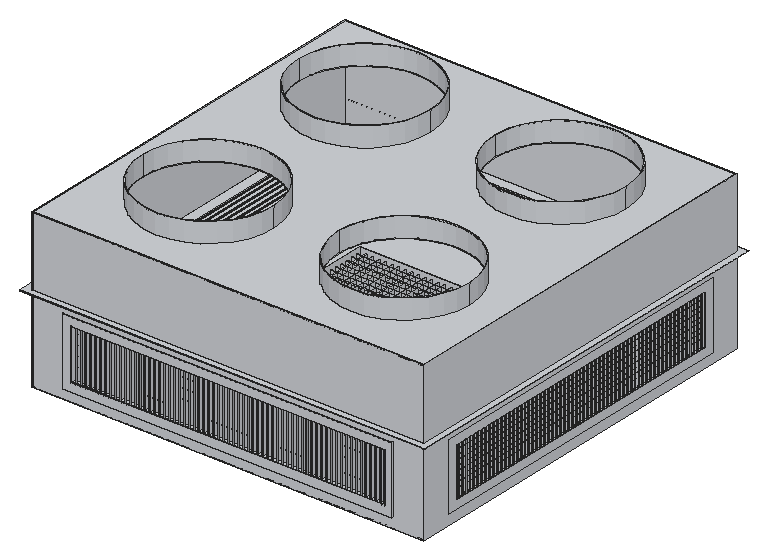
Revit family "model CO-80 diffuser", category Mechanical Equipment, Revit 2015 (continued)
Definition of nested family "Double Diffuser Grille 6"
  Nested families (in)
    nested 66: "Vertical Blade" at (22.41763, -1.625, 0), type "Vertical Blade"
      with H 0' - 7 5/8"
    nested 67: "Vertical Blade" at (23.16763, -1.625, 0), type "Vertical Blade"
      with H 0' - 7 5/8"
    nested 68: "Vertical Blade" at (-20.33237, -1.625, 0), type "Vertical Blade"
      with H 0' - 7 5/8"
    nested 69: "Vertical Blade" at (-21.08237, -1.625, 0), type "Vertical Blade"
      with H 0' - 7 5/8"
    nested 70: "Vertical Blade" at (-21.83237, -1.625, 0), type "Vertical Blade"
      with H 0' - 7 5/8"
    nested 71: "Vertical Blade" at (-22.58237, -1.625, 0), type "Vertical Blade"
      with H 0' - 7 5/8"
    nested 72: "Vertical Blade" at (-23.33237, -1.625, 0), type "Vertical Blade"
      with H 0' - 7 5/8"
  Definition of nested family "Vertical Blade"
    Parameters (values of type "Vertical Blade")
      H = 2' - 0"
    Reference planes (in)
      plane 1 "Center (Front/Back)": y = 0
      plane 2: z = 0
      plane 3 "Center (Left/Right)": x = 0
      plane 4: z = 12
      plane 5: z = -12
    Forms (in)
      Extrusion 1, solid
        sketch origin (0, -0.05958, 0) x (1, 0, 0) y (0, 1, 0)
          loop
            arc (0.08237, 0.17216) -> (0.04492, 0.11716) -> (0.07825, 0.05958) r 0.0625
            line (0.07825, 0.05958) -> (0.1365, 0.05958)
            arc (0.1365, 0.05958) -> (0.16983, 0.11716) -> (0.13237, 0.17216) r 0.0625
            line (0.13237, 0.17216) -> (0.13237, 0.80238) -> (0.08237, 0.80238) -> (0.08237, 0.17216)
        from -12 to 12
    Dimensions and locks (in)
      equal spacing: plane 4, level, plane 5
      "H": plane 4 to plane 5
      aligned and locked: level to plane 2
      aligned and locked: plane 4 to Extrusion 1
      aligned and locked: Extrusion 1 to plane 5
    Automatic sketch dimensions
      Extrusion 1 sketch curve to Extrusion 1 sketch curve = 0' - 0"  (x2)
      plane 1 "Center (Front/Back)" to Extrusion 1 sketch curve = 0' - 0"
      plane 3 "Center (Left/Right)" to Extrusion 1 sketch curve = 0' - 0.07825"
      plane 3 "Center (Left/Right)" to Extrusion 1 sketch curve = 0' - 0.08237"
      Extrusion 1 sketch curve to Extrusion 1 sketch curve = 0' - 0.02912"
      Extrusion 1 sketch curve to Extrusion 1 sketch curve = 0' - 0.05"
      Extrusion 1 sketch curve to Extrusion 1 sketch curve = 0' - 0.05825"
      Extrusion 1 sketch curve to plane 1 "Center (Front/Back)" = 0' - 0.0553"
      Extrusion 1 sketch curve to Extrusion 1 sketch curve = 0' - 0.63022"
  Definition of nested family "Horizontal Blade"
    Parameters (values of type "Horizontal Blade")
      L = 3' - 0"
    Reference planes (in)
      plane 1 "Center (Front/Back)": y = 0
      plane 2: z = 0
      plane 3 "Center (Left/Right)": x = 0
      plane 4: x = -18
      plane 5: x = 18
    Forms (in)
      Extrusion 1, solid
        sketch origin (0.10737, -0.05958, -0.10737) x (0, 0, 1) y (0, 1, 0)
          loop
            arc (0.08237, 0.17216) -> (0.04492, 0.11716) -> (0.07825, 0.05958) r 0.0625
            line (0.07825, 0.05958) -> (0.1365, 0.05958)
            arc (0.1365, 0.05958) -> (0.16983, 0.11716) -> (0.13237, 0.17216) r 0.0625
            line (0.13237, 0.17216) -> (0.13237, 0.80238) -> (0.08237, 0.80238) -> (0.08237, 0.17216)
        from -17.89263 to 18.10737
    Dimensions and locks (in)
      equal spacing: plane 4, plane 3 "Center (Left/Right)", plane 5
      "L": plane 4 to plane 5
      aligned and locked: level to plane 2
      aligned and locked: plane 4 to Extrusion 1
      aligned and locked: plane 5 to Extrusion 1
    Automatic sketch dimensions
      Extrusion 1 sketch curve to Extrusion 1 sketch curve = 0' - 0"  (x2)
      Extrusion 1 sketch curve to plane 1 "Center (Front/Back)" = 0' - 0"
      Extrusion 1 sketch curve to level = 0' - 0"
      Extrusion 1 sketch curve to level = 0' - 0.025"
      Extrusion 1 sketch curve to level = 0' - 0.02912"
      level to Extrusion 1 sketch curve = 0' - 0.025"
      level to Extrusion 1 sketch curve = 0' - 0.02912"
      Extrusion 1 sketch curve to plane 1 "Center (Front/Back)" = 0' - 0.0553"
      Extrusion 1 sketch curve to Extrusion 1 sketch curve = 0' - 0.63022"
